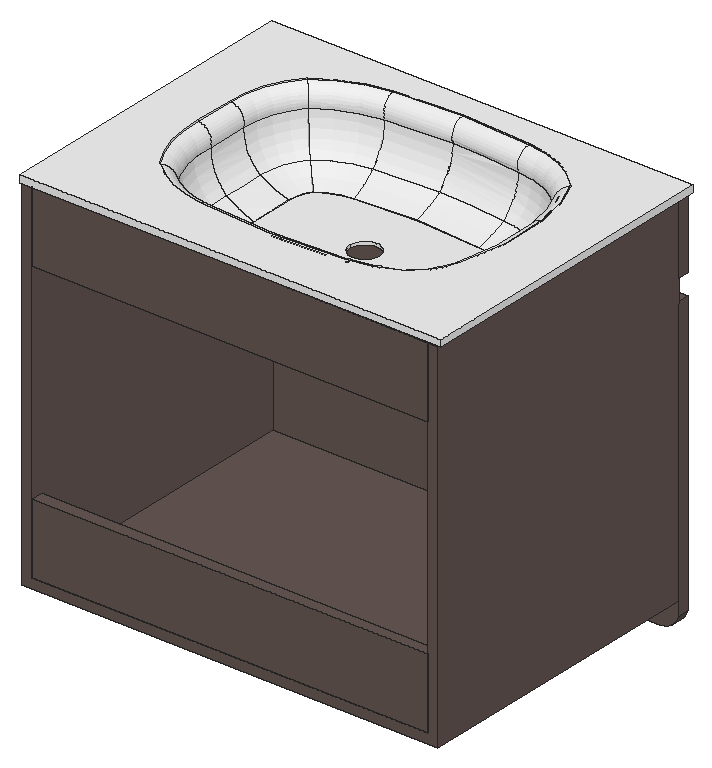
Revit family "614406091_Mueble Aluvia Habano Elevado 60x45", category Modelos genéricos, Revit 2019
Family settings
  Anfitrión = Muro
  Puede alojar armadura = No
  Cota de conector redondo = Diámetro de uso
  Tipo de pieza = Normal
  Número OmniClass = 23.31.13.11
  Título OmniClass = Single Sinks
  Siempre vertical = Sí
  Corte con vacíos al cargar = No
  Compartido = No
  Punto de cálculo de habitación = No
Parameters (values of type "Ref. 614406091 Mueble Elevado Aluvia Habano Con Lavamanos.")
  URL = "https://corona.co/productos/muebles-para-banos/mueble-aluvia-elevado/p/614406091"
  Tiempo de Armado = "80 Minutos."  # constant formula
  Textura = "Habano: Poro - Gris: Soft."  # constant formula
  Resistencia al rayado = "700 ciclos."  # constant formula
  Resistencia a la humedad = "8%."  # constant formula
  Profundidad = 445 mm
  Peso Neto aprox = "26,0 lb (11,8 kg)."  # constant formula
  Peso Bruto aprox = "27,8 lb (12,6 kg)."  # constant formula
  Material Piezas interiores = Corona_Madera_Aglomerada_Plomo
  Material = Corona_Madera_Aglomerada_Habano
  Fabricante = "Corona"  # constant formula
  Garantía Madera = "1 año"  # constant formula
  Garantía Herrajes = "1 año"  # constant formula
  Fecha de creación = "22/07/2020"  # constant formula
  Dimensiones Generales (H* W * P) = "21,85” x 23,46” x 17,52” (555 x 596 x 445 mm)."  # constant formula
  Descripción = "La línea ALUVIA viene a entregar de manera asequible una solución perfecta que combina\r\ndiseño y funcionalidad, ALUVIA se inspira en el movimiento y caída del agua en la\r\nnaturaleza, es por ello de sus formas orgánicas donde podemos obtener un producto\r\ncompacto y de líneas fluidas, que se adapta en espacios pequeños.\r\nEl principal beneficio de los muebles de esta línea es ser un producto compacto que brinda\r\nal consumidor máxima capacidad de almacenamiento e ideal para espacios pequeños.\r\n· Mueble compacto para espacios medianos.\r\n· Lavamanos 100% en porcelana.\r\n· Grán capacidad de almacenamiento.\r\n· Resistentes a la Humedad."  # constant formula
  Densidad = "15mm 670 kg./m^3."  # constant formula
  Creado por = "IDD"  # constant formula
  Carga Máxima = "110,2 lb (50 kg)."  # constant formula
  Canto = "PVC rígido 2 mm de calibre.\r\nPVC Flexible 0,5 mm de calibre."  # constant formula
  Ancho = 595 mm
  Alto = 850 mm
Types (2, lengths in mm): name | URL | Material
  Ref. 614401711 Mueble Elevado Aluvia Miel Con Lavamanos. | "https://corona.co/productos/muebles-para-banos/mueble-aluvia-a-piso/p/604406091" | Corona_Madera_Aglomerada_Miel
  Ref. 614406091 Mueble Elevado Aluvia Habano Con Lavamanos. | "https://corona.co/productos/muebles-para-banos/mueble-aluvia-elevado/p/614406091" | Corona_Madera_Aglomerada_Habano
Reference planes
  plane 1 "Wall": y = 0
  plane 2 "Center (Left/Right)": x = 125
  plane 3 "Back": y = 75
  plane 4: y = 520
  plane 5: x = -172.5
  plane 6: x = 422.5
  plane 7: z = 850
  plane 8: z = 749
  plane 9: z = 719
  plane 10: y = 505
  plane 11: z = 295
  plane 12: x = 407.5
  plane 13: x = -157.5
  plane 14: y = 495
  plane 15: y = 170
  plane 16: y = 155
  plane 17: x = 392.5
  plane 18: x = -142.5
  plane 19: x = -127.5
  plane 20: x = 377.5
  plane 21: x = 185
  plane 22: x = 65
  plane 23: z = 336
  plane 24: z = 351
Forms (mm)
  Extrusion 1, solid, material "Corona_Madera_Aglomerada_Habano" <- "Material"
    sketch origin (125, 0, 0) x (0, 1, 0) y (0, 0, 1)
      loop
        line (505, 850) -> (505, 749) -> (520, 749) -> (520, 850) -> (505, 850)
    from -297.5 to 297.5
  Extrusion 2, solid, material "Corona_Madera_Aglomerada_Habano" <- "Material"
    sketch origin (0, 0, 0) x (1, 0, 0) y (0, 0, 1)
      loop
        line (422.5, 336) -> (422.5, 850) -> (-172.5, 850) -> (-172.5, 336) -> (422.5, 336)
    from -505 to -75
  Extrusion 3, void
    sketch origin (0, 0, 0) x (1, 0, 0) y (0, 0, 1)
      loop
        line (407.5, 850) -> (-157.5, 850) -> (-157.5, 351) -> (407.5, 351) -> (407.5, 850)
    from -505 to -75
  Extrusion 4, solid, material "Corona_Madera_Aglomerada_Habano" <- "Material"
    sketch origin (125, 0, 0) x (0, 1, 0) y (0, 0, 1)
      loop
        line (90, 850) -> (75, 850) -> (75, 749) -> (90, 749) -> (90, 850)
    from -282.5 to 282.5
  Extrusion 5, solid, material "Corona_Madera_Aglomerada_Habano" <- "Material"
    sketch origin (125, 0, -448) x (0, 1, 0) y (0, 0, 1)
      loop
        line (90, 900) -> (75, 900) -> (75, 799) -> (90, 799) -> (90, 900)
    from -282.5 to 282.5
  Extrusion 6, solid, material "Corona_Madera_Aglomerada_Habano" <- "Material"
    sketch origin (0, 0, 0) x (1, 0, 0) y (0, 0, 1)
      loop
        line (125, 719) -> (125, 295) -> (395.244, 295)
        arc (395.244, 295) -> (412.182, 301.204) -> (422.5, 316) r 30
        line (422.5, 316) -> (422.5, 719) -> (125, 719)
    from -520 to -505
  Extrusion 7, solid, material "Corona_Madera_Aglomerada_Habano" <- "Material"
    sketch origin (250, 0, 0) x (-1, 0, 0) y (0, 0, -1)
      loop
        line (125, -719) -> (422.5, -719) -> (422.5, -316)
        arc (422.5, -316) -> (412.182, -301.204) -> (395.244, -295) r 30
        line (395.244, -295) -> (125, -295) -> (125, -719)
    from -520 to -505
  Extrusion 8, solid, material "Corona_Madera_Aglomerada_Plomo" <- "Material Piezas interiores"
    sketch origin (125, 5, 1167.8) x (0, 0, -1) y (0, 1, 0)
      loop
        line (472.8, 475) -> (472.8, 490) -> (373.8, 490) -> (373.8, 475) -> (472.8, 475)
    from -282.5 to 282.5
  Extrusion 9, solid, material "Corona_Madera_Aglomerada_Habano" <- "Material", detail levels coarse
    sketch origin (0, 0, 0) x (1, 0, 0) y (0, 0, 1)
      loop
        line (-172.5, 850) -> (-172.5, 295) -> (422.5, 295) -> (422.5, 850) -> (-172.5, 850)
    from -520 to -75
Cuts and joins
  Extrusion 3 cuts Extrusion 2
Text (mm)
  text "Placement Side" at (-1848.837, 1116.779, 0), in view "Ref. Level"
  text "Placement side" at (0, 1409.804, 2854.306), in view "Left"
  text "Placement side" at (0, 499.811, 2980.732), in view "Right"
Dimensions and locks
  locked: plane 3 "Back" to host wall
  equal spacing: plane 5, plane 2 "Center (Left/Right)", plane 6
  "Ancho": plane 5 to plane 6
  "Profundidad": plane 3 "Back" to plane 4
  "Alto": level to plane 7
  plane 8 to plane 7 = 101 mm
  plane 7 to level = 850 mm  (x2)
  plane 7 to plane 8 = 101 mm  (x2)
  plane 4 to host wall = 445 mm
  plane 4 to plane 10 = 15 mm
  plane 10 to plane 15 = 335 mm
  plane 10 to plane 16 = 350 mm
  plane 6 to plane 5 = 595 mm
  plane 8 to plane 9 = 30 mm
  host wall to plane 4 = 445 mm
  plane 9 to plane 11 = 424 mm
  plane 11 to plane 9 = 424 mm
  aligned and locked: plane 1 "Wall" to host wall
  aligned and locked: plane 8 to Extrusion 1 sketch curve
  aligned and locked: Extrusion 1 sketch curve to plane 4
  aligned and locked: Extrusion 2 sketch curve to plane 7
  aligned and locked: Extrusion 2 sketch curve to Extrusion 1
  aligned and locked: plane 6 to Extrusion 2 sketch curve
  aligned and locked: Extrusion 3 sketch curve to Extrusion 1
  aligned and locked: plane 13 to Extrusion 3 sketch curve
  aligned and locked: Extrusion 3 sketch curve to plane 12
  aligned and locked: plane 10 to Extrusion 3
  aligned and locked: Extrusion 3 to host wall
  aligned and locked: Extrusion 4 sketch curve to plane 8
  aligned and locked: plane 7 to Extrusion 4 sketch curve
  aligned and locked: Extrusion 4 sketch curve to host wall
  aligned and locked: Extrusion 4 to plane 13
  aligned and locked: plane 12 to Extrusion 4
  aligned and locked: Extrusion 5 to host wall
  aligned and locked: Extrusion 5 to plane 13
  aligned and locked: plane 12 to Extrusion 5
  aligned and locked: plane 2 "Center (Left/Right)" to Extrusion 6 sketch curve
  aligned and locked: Extrusion 6 sketch curve to plane 6
  aligned and locked: Extrusion 7 sketch curve to plane 2 "Center (Left/Right)"
  aligned and locked: plane 5 to Extrusion 7 sketch curve
  aligned and locked: plane 4 to Extrusion 7
  aligned and locked: Extrusion 7 to plane 10
  aligned and locked: plane 4 to Extrusion 6
  aligned and locked: Extrusion 6 to plane 10
  aligned and locked: plane 14 to Extrusion 8
  aligned and locked: Extrusion 9 sketch curve to Extrusion 1
  aligned and locked: Extrusion 9 sketch curve to plane 6
  aligned and locked: Extrusion 6 to plane 11
  aligned and locked: Extrusion 7 to Extrusion 6
  aligned and locked: Extrusion 7 to plane 11
  aligned and locked: plane 3 "Back" to Extrusion 5
  aligned and locked: plane 9 to Extrusion 6
  aligned and locked: plane 9 to Extrusion 7
  aligned and locked: Extrusion 3 to plane 24
  aligned and locked: Extrusion 5 to cut or joined group of Extrusion 2, Extrusion 3
  aligned and locked: Extrusion 9 to Extrusion 6
Automatic sketch dimensions
  Extrusion 1 sketch curve to plane 7 = 0 mm
  Extrusion 1 sketch curve to plane 10 = 0 mm
  Extrusion 4 sketch curve to Extrusion 4 sketch curve = 15 mm
  Extrusion 5 sketch curve to host wall = 0 mm
  host wall to Extrusion 5 sketch curve = 15 mm
  Extrusion 5 sketch curve to Extrusion 5 sketch curve = 101 mm
  Extrusion 8 sketch curve to plane 14 = 0 mm
  plane 8 to Extrusion 8 sketch curve = 45 mm
  Extrusion 8 sketch curve to plane 14 = 15 mm
  level to Extrusion 3 sketch curve = 351 mm
  level to Extrusion 5 sketch curve = 351 mm
  Extrusion 6 sketch curve to plane 11 = 0 mm
  plane 17 to Extrusion 6 sketch curve = 1.372 mm
  plane 17 to Extrusion 6 sketch curve = 2.744 mm
  plane 11 to Extrusion 6 sketch curve = 21 mm
  Extrusion 7 sketch curve to plane 11 = 0 mm
  plane 18 to Extrusion 7 sketch curve = 1.372 mm
  plane 18 to Extrusion 7 sketch curve = 2.744 mm
  Extrusion 7 sketch curve to plane 11 = 21 mm
  level to Extrusion 9 sketch curve = 295 mm
  Extrusion 9 sketch curve to plane 5 = 0 mm
  plane 11 to Extrusion 2 sketch curve = 41 mm
  Extrusion 6 sketch curve to plane 9 = 0 mm
  Extrusion 7 sketch curve to plane 9 = 0 mm
  Extrusion 8 sketch curve to plane 9 = 24 mm
Nested families
  nested 1: "Family3" at (125, 520, 0) x (-1, 0, 0) z (0, 0, 1), type "Family3"
  nested 2: "Family6" at (125.426, 525, 860) x (-1, 0, 0) z (0, 0, 1), type "Family6", detail levels medium+fine
  nested 3: "Family2" at (125, 75, 0) x (0, -1, 0) z (1, 0, 0), type "Family2"
  nested 4: "Familia4" at (125.128, 0, -3.208) x (1, 0, 0) z (0, -1, 0), type "Familia4"
Definition of nested family "Family6"
  Parameters (values of type "Family6")
    Material = none
    Manufacturer = "Corona"  # constant formula
    Fecha de creación = "21/07/2020"  # constant formula
    Creado por = "IDD"  # constant formula
    Alto = 124 mm
  Reference planes
    plane 1 "Center (Front/Back)": y = 0
    plane 2: z = 0
    plane 3 "Center (Left/Right)": x = 0
    plane 4: z = -124
    plane 5: x = -300
    plane 6: x = 300
    plane 7 "Center L/S": y = 450
  Forms (mm)
    Sweep 1, solid, material <- "Material"
      path origin (0, 0, 0) x (1, 0, 0) y (0, 1, 0)
        loop
          arc (-100.824, 374.741) -> (-137.716, 367.149) -> (-172.547, 352.814) r 201.216
          arc (-172.547, 352.814) -> (-194.245, 329.514) -> (-207.72, 300.667) r 102.196
          arc (-207.72, 300.667) -> (-220.123, 233.995) -> (-219.486, 166.181) r 351.33
          arc (-219.486, 166.181) -> (-210.946, 124.35) -> (-194.634, 84.895) r 224.286
          arc (-194.634, 84.895) -> (-151.333, 53.53) -> (-99.472, 40.52) r 141.159
          arc (-99.472, 40.52) -> (-49.817, 36.305) -> (0, 35.018) r 846.884
          arc (0, 35.018) -> (47.71, 36.535) -> (95.26, 40.738) r 846.884
          arc (95.26, 40.738) -> (144.14, 53.228) -> (187.978, 78.199) r 189.075
          arc (187.978, 78.199) -> (213.947, 121.956) -> (222.18, 172.168) r 137.177
          arc (222.18, 172.168) -> (221.915, 200.672) -> (222.488, 229.171) r 968.579
          arc (222.488, 229.171) -> (216.892, 283.034) -> (194.807, 332.48) r 171.794
          arc (194.807, 332.48) -> (152.978, 361.088) -> (104.176, 374.741) r 155.624
          arc (104.176, 374.741) -> (1.676, 380.346) -> (-100.824, 374.741) r 940.142
      profile origin (1.676, 380.346, 0) x (0, 1, 0) y (0, 0, 1)
        loop
          line (0, -5) -> (0, -0.962)
          arc (0, -0.962) -> (-15.38, -10.48) -> (-18.203, -28.345) r 21.695
          arc (-18.203, -28.345) -> (-24.212, -57.146) -> (-41.685, -80.817) r 68.918
          arc (-41.685, -80.817) -> (-61.172, -91.456) -> (-82.071, -98.946) r 142.834
          line (-82.071, -98.946) -> (-82.071, -103.088)
          arc (-82.071, -103.088) -> (-59.902, -95.27) -> (-39.265, -84.014) r 146.834
          arc (-39.265, -84.014) -> (-20.504, -58.653) -> (-14.21, -27.741) r 72.918
          arc (-14.21, -27.741) -> (-12.319, -13.113) -> (0, -5) r 17.695
    Extrusion 2, solid, material <- "Material"
      sketch origin (0, 0, 0) x (1, 0, 0) y (0, 1, 0)
        loop
          line (-300, 450) -> (-300, 0) -> (300, 0) -> (300, 450) -> (-300, 450)
        loop
          arc (-100.824, 374.741) -> (-137.716, 367.149) -> (-172.547, 352.814) r 201.216
          arc (-172.547, 352.814) -> (-194.245, 329.514) -> (-207.72, 300.667) r 102.196
          arc (-207.72, 300.667) -> (-220.123, 233.995) -> (-219.486, 166.181) r 351.33
          arc (-219.486, 166.181) -> (-210.946, 124.35) -> (-194.634, 84.895) r 224.286
          arc (-194.634, 84.895) -> (-151.333, 53.53) -> (-99.472, 40.52) r 141.159
          arc (-99.472, 40.52) -> (-49.817, 36.305) -> (0, 35.018) r 846.884
          arc (0, 35.018) -> (47.71, 36.535) -> (95.26, 40.738) r 846.884
          arc (95.26, 40.738) -> (144.14, 53.228) -> (187.978, 78.199) r 189.075
          arc (187.978, 78.199) -> (213.947, 121.956) -> (222.18, 172.168) r 137.177
          arc (222.18, 172.168) -> (221.915, 200.672) -> (222.488, 229.171) r 968.579
          arc (222.488, 229.171) -> (216.892, 283.034) -> (194.807, 332.48) r 171.794
          arc (194.807, 332.48) -> (152.978, 361.088) -> (104.176, 374.741) r 155.624
          arc (104.176, 374.741) -> (1.676, 380.346) -> (-100.824, 374.741) r 940.142
      from -10 to 0
    Extrusion 3, solid, material <- "Material"
      sketch origin (0, 0, 0) x (1, 0, 0) y (0, 1, 0)
        loop
          arc (-91.876, 293.16) -> (-109.142, 289.964) -> (-125.751, 284.266) r 119.145
          arc (-125.751, 284.266) -> (-127.584, 281.24) -> (-128.859, 277.94) r 20.125
          arc (-128.859, 277.94) -> (-138.365, 226.842) -> (-137.876, 174.869) r 269.259
          arc (-137.876, 174.869) -> (-134.125, 154.238) -> (-127.381, 134.383) r 142.215
          arc (-127.381, 134.383) -> (-111.13, 125.67) -> (-92.984, 122.39) r 59.088
          arc (-92.984, 122.39) -> (-46.72, 118.332) -> (-0.295, 117.089) r 764.813
          arc (-0.295, 117.089) -> (42.792, 118.459) -> (85.733, 122.254) r 764.813
          arc (85.733, 122.254) -> (109.251, 127.747) -> (130.939, 138.375) r 107.004
          arc (130.939, 138.375) -> (137.984, 153.579) -> (140.133, 170.197) r 55.106
          arc (140.133, 170.197) -> (139.848, 201.598) -> (140.501, 232.993) r 1050.65
          arc (140.501, 232.993) -> (138.82, 256.718) -> (130.965, 279.167) r 89.723
          arc (130.965, 279.167) -> (114.025, 288.535) -> (95.228, 293.16) r 73.553
          arc (95.228, 293.16) -> (1.676, 298.275) -> (-91.876, 293.16) r 858.071
        loop
          circle (1.676, 207.687) r 21.5
      from -103.088 to -98.946
  Dimensions and locks
    aligned and locked: level to plane 2
    aligned and locked: level to Extrusion 2
Definition of nested family "Family3"
  Reference planes
    plane 1 "Center (Front/Back)": y = 0
    plane 2: z = 0
    plane 3 "Center (Left/Right)": x = 0
  Lines and regions (mm)
    detail lines, in view "Ref. Level"
      curve 1: line (-297.5, 445, 0) -> (297.5, 445, 0)
      curve 2: line (297.5, 445, 0) -> (297.5, 0, 0)
      curve 3: line (297.5, 0, 0) -> (-297.5, 0, 0)
      curve 4: line (-297.5, 0, 0) -> (-297.5, 445, 0)
      curve 5: line (-282.5, 430, 0) -> (282.5, 430, 0)
      curve 6: line (297.5, 15, 0) -> (-297.5, 15, 0)
      curve 7: line (282.5, 445, 0) -> (282.5, 15, 0)
      curve 8: line (-282.5, 15, 0) -> (-282.5, 445, 0)
      curve 9: line (267.5, 365, 0) -> (267.5, 15, 0)
      curve 10: line (252.5, 350, 0) -> (252.5, 15, 0)
      curve 11: line (-267.5, 365, 0) -> (-267.5, 15, 0)
      curve 12: line (-252.5, 350, 0) -> (-252.5, 15, 0)
      curve 13: line (267.5, 365, 0) -> (-267.5, 365, 0)
      curve 14: line (267.5, 350, 0) -> (-267.5, 350, 0)
      curve 15: line (60, 163.319, 0) -> (60, 365, 0)
      curve 16: line (-60, 163.319, 0) -> (-60, 365, 0)
      curve 17: line (282.5, 25, 0) -> (-282.5, 25, 0)
      curve 18: line (282.5, 40, 0) -> (-282.5, 40, 0)
      curve 19: arc (-60, 166, 0) -> (0, 106, 0) -> (60, 166, 0) r 60
      curve 20: line (-217.5, 365, 0) -> (-282.5, 365, 0)
      curve 21: line (-217.5, 430, 0) -> (-217.5, 365, 0)
      curve 22: line (-282.5, 365, 0) -> (-282.5, 430, 0)
      curve 23: line (-282.5, 430, 0) -> (-217.5, 430, 0)
      curve 24: line (217.5, 430, 0) -> (217.5, 365, 0)
      curve 25: line (217.5, 365, 0) -> (282.5, 365, 0)
      curve 26: line (282.5, 430, 0) -> (282.5, 365, 0)
      curve 27: line (282.5, 430, 0) -> (217.5, 430, 0)
      curve 28: line (-217.5, 90, 0) -> (-282.5, 90, 0)
      curve 29: line (-217.5, 25, 0) -> (-217.5, 90, 0)
      curve 30: line (-282.5, 90, 0) -> (-282.5, 25, 0)
      curve 31: line (-282.5, 25, 0) -> (-217.5, 25, 0)
      curve 32: line (217.5, 25, 0) -> (217.5, 90, 0)
      curve 33: line (217.5, 90, 0) -> (282.5, 90, 0)
      curve 34: line (282.5, 25, 0) -> (282.5, 90, 0)
      curve 35: line (282.5, 25, 0) -> (217.5, 25, 0)
      curve 36: arc (-275, 397.5, 0) -> (-250, 372.5, 0) -> (-225, 397.5, 0) r 25
      curve 37: arc (-225, 397.5, 0) -> (-250, 422.5, 0) -> (-275, 397.5, 0) r 25
      curve 38: arc (225, 397.5, 0) -> (250, 372.5, 0) -> (275, 397.5, 0) r 25
      curve 39: arc (275, 397.5, 0) -> (250, 422.5, 0) -> (225, 397.5, 0) r 25
      curve 40: arc (-275, 57.5, 0) -> (-250, 82.5, 0) -> (-225, 57.5, 0) r 25
      curve 41: arc (-225, 57.5, 0) -> (-250, 32.5, 0) -> (-275, 57.5, 0) r 25
      curve 42: arc (225, 57.5, 0) -> (250, 82.5, 0) -> (275, 57.5, 0) r 25
      curve 43: arc (275, 57.5, 0) -> (250, 32.5, 0) -> (225, 57.5, 0) r 25
Definition of nested family "Family2"
  Reference planes
    plane 1 "Center (Front/Back)": y = 0
    plane 2: z = 0
    plane 3 "Center (Left/Right)": x = 0
  Lines and regions (mm)
    detail lines, in view "Ref. Level"
      curve 1: line (-445, 850, 0) -> (0, 850, 0)
      curve 2: line (0, 850, 0) -> (0, 749, 0)
      curve 3: line (0, 749, 0) -> (0, 719, 0)
      curve 4: line (0, 719, 0) -> (0, 336, 0)
      curve 5: line (-430, 295, 0) -> (-445, 295, 0)
      curve 6: line (-430, 295, 0) -> (-430, 850, 0)
      curve 7: line (-445, 719, 0) -> (-430, 719, 0)
      curve 8: line (-445, 749, 0) -> (-430, 749, 0)
      curve 9: line (-445, 749, 0) -> (-445, 850, 0)
      curve 10: line (-445, 719, 0) -> (-445, 295, 0)
      curve 11: line (-430, 336, 0) -> (0, 336, 0)
      curve 12: line (-430, 351, 0) -> (0, 351, 0)
Definition of nested family "Familia4"
  Reference planes
    plane 1 "Center (Front/Back)": y = 0
    plane 2: z = 0
    plane 3 "Center (Left/Right)": x = 0
  Lines and regions (mm)
    detail lines, in view "Ref. Level"
      curve 1: line (296.14, 752.208, 0) -> (-296.396, 752.208, 0)
      curve 2: line (-296.396, 853.208, 0) -> (-296.396, 318.208, 0)
      curve 3: line (-296.396, 722.208, 0) -> (296.14, 722.208, 0)
      curve 4: line (296.14, 853.208, 0) -> (296.14, 318.208, 0)
      curve 5: line (276.14, 298.208, 0) -> (-276.396, 298.208, 0)
      curve 6: line (-281.396, 752.208, 0) -> (-281.396, 722.208, 0)
      curve 7: line (281.14, 752.208, 0) -> (281.14, 722.208, 0)
      curve 8: arc (-296.396, 318.208, 0) -> (-288.901, 305.703, 0) -> (-276.396, 298.208, 0) r 30
      curve 9: arc (296.14, 318.208, 0) -> (288.645, 305.703, 0) -> (276.14, 298.208, 0) r 30
      curve 10: line (-296.396, 853.208, 0) -> (296.14, 853.208, 0)
      curve 11: line (-296.396, 853.208, 0) -> (296.14, 853.208, 0)
      curve 12: line (-0.128, 722.208, 0) -> (-0.128, 298.208, 0)
